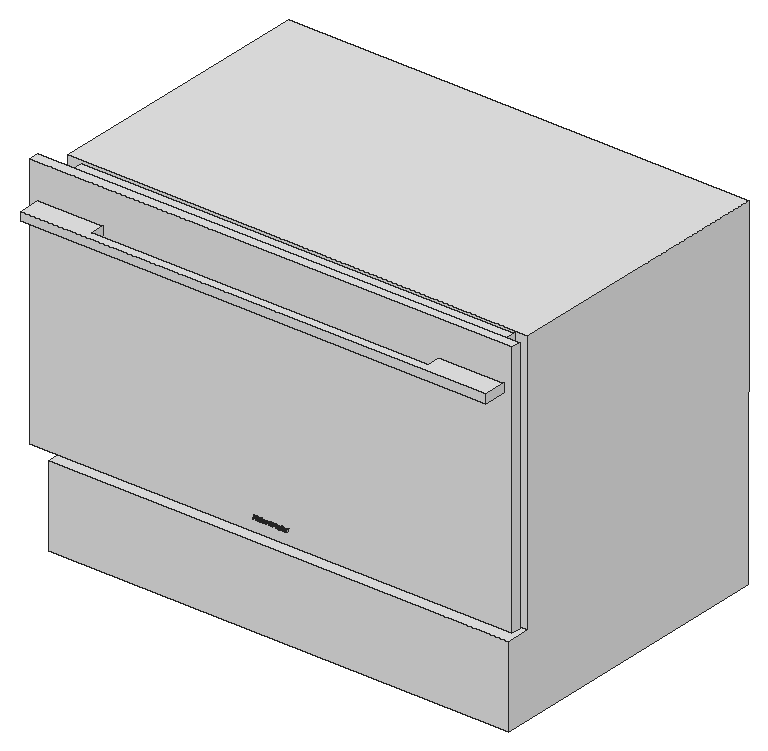
Revit family "Fisher & Paykel CoolDrawer RB90S64MKIW1 with door", category Generic Models, host Floor, Revit 2013
Parameters (values of type "Fisher & Paykel - Cool Drawer RB90S64MKIW1")
  URL = "www.fisherpaykel.com"
  Model = "RB90S64MKIW1"
  Manufacturer = "Fisher&Paykel"
  Description = "Fisher & Paykel - Cool Drawer RB90S64MKIW1"
  Cool Drawer = Cool Drawer
Reference planes (in)
  plane 1 "Center (Front/Back)": y = 0
  plane 2: z = 0
  plane 3 "Center (Left/Right)": x = 0
Dimensions and locks (in)
  equal spacing: host sketch curve, plane 1 "Center (Front/Back)", host sketch curve
  equal spacing: host sketch curve, plane 3 "Center (Left/Right)", host sketch curve
  host sketch curve to host sketch curve = 10' - 0"  (x2)
  aligned and locked: level to plane 2
Nested families (in)
  nested 1: "old_Fisher & Paykel CoolDrawer RB90S64MKIW1 with door" at (0, 0, 0), type "Fisher & Paykel - Cool Drawer RB90S64MKIW1"
Definition of nested family "old_Fisher & Paykel CoolDrawer RB90S64MKIW1 with door"
  Parameters (values of type "Fisher & Paykel - Cool Drawer RB90S64MKIW1")
    Width = 2' - 9.66142"
    URL = "www.fisherpaykel.com"
    Manufacturer = "Fisher&Paykel"
    Description = "Fisher & Paykel - Cool Drawer RB90S64MKIW1"
    Cool Drawer = Cool Drawer
    Model = "RB90S64MKIW1"
    Height = 2' - 1.19685"
    Depth = 1' - 9.92913"
  Reference planes (in)
    plane 1 "Center (Front/Back)": y = 0
    plane 2: z = 0
    plane 3 "Center (Left/Right)": x = 0
    plane 4: y = 10.96457
    plane 5: y = -10.96457
    plane 6: x = -16.83071
    plane 7: x = 16.83071
    plane 8: z = 25.19685
    plane 9: z = 5.90551
    plane 10: y = -9.19291
    plane 11: z = 7.3622
    plane 12: z = 25
    plane 13: z = 7.04724
    plane 14: z = 25.7874
    plane 15: y = -11.67323
    plane 16: x = -17.6378
    plane 17: x = 17.6378
    plane 18: x = -15.84646
    plane 19: x = 15.84646
    plane 20: x = -17.04724
    plane 21: y = -13.2874
    plane 22: x = -12.32283
    plane 23: x = 17.04724
    plane 24: x = 12.32283
    plane 25: z = 23.22835
    plane 26: z = 22.59843
    plane 27: z = 7.91339
  Forms (in)
    Extrusion 1, solid, material "Cool Drawer" <- "Cool Drawer"
      sketch origin (0, 0, 0) x (0, 1, 0) y (0, 0, 1)
        loop
          line (10.96457, 0) -> (10.96457, 25.19685) -> (-9.19291, 25.19685) -> (-9.19291, 5.90551) -> (-10.96457, 5.90551) -> (-10.96457, 0) -> (10.96457, 0)
      from -16.83071 to 16.83071
    Extrusion 2, solid, material "Cool Drawer" <- "Cool Drawer"
      sketch origin (0, 0, 0) x (0, 1, 0) y (0, 0, 1)
        loop
          line (-9.19291, 7.3622) -> (-9.19291, 25) -> (-10.96457, 25) -> (-10.96457, 7.3622) -> (-9.19291, 7.3622)
      from 15.84646 to -15.84646
    Extrusion 3, solid, material "Cool Drawer" <- "Cool Drawer"
      sketch origin (0, 0, 0) x (0, 1, 0) y (0, 0, 1)
        loop
          line (-10.96457, 25.7874) -> (-11.67323, 25.7874) -> (-11.67323, 7.04724) -> (-10.96457, 7.04724) -> (-10.96457, 25.7874)
      from -17.6378 to 17.6378
    Extrusion 4, solid, material "Cool Drawer" <- "Cool Drawer"
      sketch origin (0, 0, 0) x (1, 0, 0) y (0, 1, 0)
        loop
          line (17.04724, -11.67323) -> (12.32283, -11.67323) -> (12.32283, -12.65748) -> (-12.32283, -12.65748) -> (-12.32283, -11.67323) -> (-17.04724, -11.67323) -> (-17.04724, -13.2874) -> (17.04724, -13.2874) -> (17.04724, -11.67323)
      from 22.59843 to 23.22835
    Extrusion 5, solid, material "Cool Drawer" <- "Cool Drawer"
      sketch origin (-18.70376, 0, -5.83594) x (1, 0, 0) y (0, 0, 1)
        loop
          circle (11.32187, 8.98554) r 0.19685
      from -10.96457 to -11.75197
  Dimensions and locks (in)
    equal spacing: plane 4, plane 1 "Center (Front/Back)", plane 5
    equal spacing: plane 6, plane 3 "Center (Left/Right)", plane 7
    "Width": plane 6 to plane 7
    "Depth": plane 4 to plane 5
    "Height": plane 8 to level
    plane 11 to plane 9 to level = 0' - 1.45669", 0' - 5.90551"
    plane 10 to plane 5 = 0' - 1.77165"
    plane 13 to level = 0' - 7.04724"
    plane 5 to plane 15 = 0' - 0.70866"
    plane 16 to plane 6 to plane 18 = 0' - 0.80709", 0' - 0.98425"
    plane 17 to plane 7 to plane 19 = 0' - 0.80709", 0' - 0.98425"
    plane 16 to plane 20 to plane 22 = 0' - 0.59055", 0' - 4.72441"
    plane 24 to plane 23 to plane 17 = 0' - 4.72441", 0' - 0.59055"
    plane 14 to plane 25 to plane 26 = 0' - 2.55906", 0' - 0.62992"
    plane 27 to plane 2 = 0' - 7.91339"
    aligned and locked: plane 2 to level
    aligned and locked: level to Extrusion 1 sketch curve
    aligned and locked: plane 4 to Extrusion 1 sketch curve
    aligned and locked: plane 8 to Extrusion 1 sketch curve
    aligned and locked: plane 10 to Extrusion 1 sketch curve
    aligned and locked: plane 9 to Extrusion 1 sketch curve
    aligned and locked: plane 5 to Extrusion 1 sketch curve
    aligned and locked: Extrusion 1 to plane 7
    aligned and locked: plane 6 to Extrusion 1
    aligned and locked: plane 11 to Extrusion 2 sketch curve
    aligned and locked: plane 10 to Extrusion 2 sketch curve
    aligned and locked: Extrusion 2 sketch curve to plane 12
    aligned and locked: plane 5 to Extrusion 2 sketch curve
    aligned and locked: plane 14 to Extrusion 3 sketch curve
    aligned and locked: plane 5 to Extrusion 3 sketch curve
    aligned and locked: Extrusion 3 sketch curve to plane 13
    aligned and locked: plane 15 to Extrusion 3 sketch curve
    aligned and locked: Extrusion 3 to plane 16
    aligned and locked: Extrusion 3 to plane 17
    aligned and locked: Extrusion 2 to plane 18
    aligned and locked: plane 19 to Extrusion 2
    aligned and locked: Extrusion 4 sketch curve to plane 15
    aligned and locked: Extrusion 4 sketch curve to plane 20
    aligned and locked: Extrusion 4 sketch curve to plane 21
    aligned and locked: Extrusion 4 sketch curve to plane 22
    aligned and locked: plane 24 to Extrusion 4 sketch curve
    aligned and locked: plane 23 to Extrusion 4 sketch curve
    aligned and locked: plane 25 to Extrusion 4
    aligned and locked: Extrusion 4 to plane 26
    aligned and locked: Extrusion 5 to plane 4
  Automatic sketch dimensions
    plane 15 to Extrusion 4 sketch curve = 0' - 0"
    Extrusion 4 sketch curve to plane 21 = 0' - 0.62992"
    plane 24 to Extrusion 5 sketch curve = 1' - 7.70472"
    Extrusion 5 sketch curve to plane 11 = 0' - 4.2126"
    radius of Extrusion 5 sketch curve = 0' - 0.19685"
  Nested families (in)
    nested 1: "FP_logo" at (0, -11.67323, 7.91339) x (1, 0, 0) z (0, -1, 0), type "FP_logo"
  Definition of nested family "FP_logo"
    Parameters (values of type "FP_logo")
      thickness = 0' - 0.02044"
      length = 0' - 2.55906"
      LOGO = logo
      Default Elevation = 4' - 0"
    Reference planes (in)
      plane 1 "Center (Front/Back)": y = 0
      plane 2: z = 0
      plane 3 "Center (Left/Right)": x = 0
      plane 4: x = -1.27953
      plane 5: x = 1.27953
    Forms (in)
      Extrusion 1, solid
        sketch origin (0, 0, 0) x (1, 0, 0) y (0, 1, 0)
          loop
            line (-48, 48) -> (-48, -48) -> (48, -48) -> (48, 48) -> (-48, 48)
        from 0 to -12
      Extrusion 2, solid, material "logo" <- "LOGO"
        sketch origin (0, 0, 0) x (1, 0, 0) y (0, 1, 0)
          loop
            line (-1.28793, 0) -> (-1.22941, 0) -> (-1.20294, 0.10013) -> (-1.06722, 0.10013) -> (-1.05675, 0.13883) -> (-1.19244, 0.13883) -> (-1.17503, 0.20502) -> (-1.03204, 0.20502) -> (-1.02154, 0.24372) -> (-1.22301, 0.24372) -> (-1.28793, 0)
          loop
            line (-1.06975, 0) -> (-1.01812, 0) -> (-0.97286, 0.17064) -> (-1.02455, 0.17064) -> (-1.06975, 0)
          loop
            line (-1.00487, 0.24372) -> (-1.01447, 0.2087) -> (-0.96281, 0.2087) -> (-0.95323, 0.24372) -> (-1.00487, 0.24372)
          loop
            arc (-0.70659, 0.10944) -> (-0.66351, 0.13909) -> (-0.61518, 0.11909) r 0.05479
            line (-0.61518, 0.11909) -> (-0.64665, 0) -> (-0.59502, 0) -> (-0.56433, 0.11613)
            arc (-0.56433, 0.11613) -> (-0.56066, 0.13166) -> (-0.56433, 0.1472) r 0.03467
            arc (-0.56433, 0.1472) -> (-0.63207, 0.17359) -> (-0.6978, 0.14254) r 0.09195
            line (-0.6978, 0.14254) -> (-0.67088, 0.24372) -> (-0.72248, 0.24372) -> (-0.78736, 0) -> (-0.73573, 0) -> (-0.70659, 0.10944)
          loop
            arc (-0.78003, 0.12388) -> (-0.7802, 0.15435) -> (-0.80595, 0.17064) r 0.03175
            arc (-0.80595, 0.17064) -> (-0.86905, 0.17791) -> (-0.93104, 0.16409) r 0.19102
            arc (-0.93104, 0.16409) -> (-0.95215, 0.1497) -> (-0.96547, 0.12791) r 0.06073
            arc (-0.96547, 0.12791) -> (-0.96563, 0.09219) -> (-0.93526, 0.0734) r 0.03654
            line (-0.93526, 0.0734) -> (-0.86683, 0.07042)
            arc (-0.86683, 0.07042) -> (-0.84963, 0.04675) -> (-0.87138, 0.02716) r 0.02187
            line (-0.87138, 0.02716) -> (-0.91159, 0.02716)
            arc (-0.91159, 0.02716) -> (-0.92782, 0.03263) -> (-0.93496, 0.04821) r 0.02158
            line (-0.93496, 0.04821) -> (-0.98793, 0.04897)
            arc (-0.98793, 0.04897) -> (-0.98824, 0.0237) -> (-0.97175, 0.00453) r 0.03578
            arc (-0.97175, 0.00453) -> (-0.90562, -0.00279) -> (-0.83949, 0.00453) r 0.30257
            arc (-0.83949, 0.00453) -> (-0.80981, 0.02332) -> (-0.79102, 0.053) r 0.08011
            arc (-0.79102, 0.053) -> (-0.79169, 0.08409) -> (-0.81828, 0.10023) r 0.03232
            line (-0.81828, 0.10023) -> (-0.90164, 0.10385)
            arc (-0.90164, 0.10385) -> (-0.91478, 0.11094) -> (-0.91736, 0.12565) r 0.01712
            arc (-0.91736, 0.12565) -> (-0.87321, 0.14484) -> (-0.82987, 0.12388) r 0.05771
            line (-0.82987, 0.12388) -> (-0.78003, 0.12388)
          loop
            line (-0.35834, 0.07785) -> (-0.34936, 0.1281)
            arc (-0.34936, 0.1281) -> (-0.36182, 0.15818) -> (-0.3919, 0.17064) r 0.04254
            line (-0.3919, 0.17064) -> (-0.46649, 0.17064)
            arc (-0.46649, 0.17064) -> (-0.55144, 0.09952) -> (-0.50276, 0) r 0.08985
            arc (-0.50276, 0) -> (-0.42624, 0.00164) -> (-0.36657, 0.04957) r 0.1189
            line (-0.36657, 0.04957) -> (-0.41532, 0.05469)
            arc (-0.41532, 0.05469) -> (-0.47196, 0.02753) -> (-0.50958, 0.07785) r 0.04947
            line (-0.50958, 0.07785) -> (-0.35834, 0.07785)
          loop
            line (-0.49543, 0.10339) -> (-0.40222, 0.10339)
            arc (-0.40222, 0.10339) -> (-0.44883, 0.14122) -> (-0.49543, 0.10339) r 0.04763
          loop
            line (-0.35744, 0) -> (-0.30575, 0) -> (-0.27931, 0.10045)
            arc (-0.27931, 0.10045) -> (-0.24877, 0.13302) -> (-0.21439, 0.10454) r 0.03258
            line (-0.21439, 0.10454) -> (-0.16596, 0.10454)
            arc (-0.16596, 0.10454) -> (-0.16014, 0.13655) -> (-0.17275, 0.16653) r 0.05707
            arc (-0.17275, 0.16653) -> (-0.22695, 0.17196) -> (-0.27227, 0.14172) r 0.08074
            line (-0.27227, 0.14172) -> (-0.26058, 0.17064) -> (-0.31221, 0.17064) -> (-0.35744, 0)
          loop
            line (0.04293, 0.09792) -> (0.03493, 0.06801) -> (-0.03092, 0.12139)
            arc (-0.03092, 0.12139) -> (0.01102, 0.12595) -> (0.05079, 0.14002) r 0.18262
            arc (0.05079, 0.14002) -> (0.06551, 0.16161) -> (0.06992, 0.18735) r 0.06142
            arc (0.06992, 0.18735) -> (0.06308, 0.2049) -> (0.04699, 0.21468) r 0.02933
            arc (0.04699, 0.21468) -> (-0.00347, 0.22023) -> (-0.05393, 0.21468) r 0.23211
            arc (-0.05393, 0.21468) -> (-0.0772, 0.20319) -> (-0.09256, 0.18227) r 0.0547
            arc (-0.09256, 0.18227) -> (-0.09997, 0.15248) -> (-0.08317, 0.12679) r 0.03836
            arc (-0.08317, 0.12679) -> (-0.12079, 0.11552) -> (-0.14937, 0.08857) r 0.08523
            line (-0.14937, 0.08857) -> (-0.16132, 0.04948)
            arc (-0.16132, 0.04948) -> (-0.15152, 0.01457) -> (-0.1183, 0) r 0.0424
            arc (-0.1183, 0) -> (-0.0664, -0.00378) -> (-0.01449, 0) r 0.35823
            arc (-0.01449, 0) -> (0.01603, 0.00923) -> (0.04252, 0.02698) r 0.10788
            line (0.04252, 0.02698) -> (0.07664, 0) -> (0.10123, 0.0189) -> (0.05868, 0.0487)
            arc (0.05868, 0.0487) -> (0.06845, 0.07262) -> (0.07373, 0.09792) r 0.1419
            line (0.07373, 0.09792) -> (0.04293, 0.09792)
          loop
            line (0.02245, 0.04264) -> (-0.06702, 0.11392)
            arc (-0.06702, 0.11392) -> (-0.10449, 0.10434) -> (-0.12285, 0.0703) r 0.0482
            arc (-0.12285, 0.0703) -> (-0.12188, 0.03525) -> (-0.09139, 0.01794) r 0.0357
            arc (-0.09139, 0.01794) -> (-0.03193, 0.0186) -> (0.02245, 0.04264) r 0.14775
          loop
            arc (0.29295, 0.07855) -> (0.34351, 0.08976) -> (0.38459, 0.12128) r 0.11963
            arc (0.38459, 0.12128) -> (0.40024, 0.16194) -> (0.40678, 0.20502) r 0.20127
            arc (0.40678, 0.20502) -> (0.38041, 0.23617) -> (0.3403, 0.24372) r 0.061
            line (0.3403, 0.24372) -> (0.17853, 0.24372) -> (0.11368, 0) -> (0.17213, 0) -> (0.19316, 0.07855) -> (0.29295, 0.07855)
          loop
            line (0.22654, 0.20502) -> (0.20369, 0.11876) -> (0.28438, 0.11876)
            arc (0.28438, 0.11876) -> (0.30788, 0.12228) -> (0.32933, 0.13253) r 0.08023
            line (0.32933, 0.13253) -> (0.34318, 0.17058)
            arc (0.34318, 0.17058) -> (0.33309, 0.19493) -> (0.30873, 0.20502) r 0.03444
            line (0.30873, 0.20502) -> (0.22654, 0.20502)
          loop
            arc (0.44994, 0.12128) -> (0.45661, 0.1374) -> (0.47273, 0.14408) r 0.02279
            arc (0.47273, 0.14408) -> (0.49581, 0.14613) -> (0.5189, 0.14408) r 0.13096
            arc (0.5189, 0.14408) -> (0.53284, 0.13296) -> (0.53116, 0.1152) r 0.01873
            line (0.53116, 0.1152) -> (0.52298, 0.08453)
            arc (0.52298, 0.08453) -> (0.45237, 0.10647) -> (0.3839, 0.07855) r 0.10954
            arc (0.3839, 0.07855) -> (0.37005, 0.03338) -> (0.40349, 0) r 0.04581
            arc (0.40349, 0) -> (0.45959, -0.00093) -> (0.51047, 0.02274) r 0.12515
            line (0.51047, 0.02274) -> (0.49277, -0.00253) -> (0.55275, 0) -> (0.58246, 0.11146)
            arc (0.58246, 0.11146) -> (0.58562, 0.14392) -> (0.56221, 0.16663) r 0.03759
            arc (0.56221, 0.16663) -> (0.50502, 0.17693) -> (0.44725, 0.17064) r 0.20338
            arc (0.44725, 0.17064) -> (0.41783, 0.1507) -> (0.39789, 0.12128) r 0.09427
            line (0.39789, 0.12128) -> (0.44994, 0.12128)
          loop
            line (0.6208, 0) -> (0.6534, 0)
            arc (0.6534, 0) -> (0.62549, -0.03442) -> (0.58246, -0.04497) r 0.0695
            line (0.58246, -0.04497) -> (0.57423, -0.0749)
            arc (0.57423, -0.0749) -> (0.64659, -0.06536) -> (0.69487, -0.01063) r 0.10405
            line (0.69487, -0.01063) -> (0.79906, 0.17064) -> (0.74561, 0.17064) -> (0.66557, 0.02667) -> (0.65099, 0.17064) -> (0.59619, 0.17064) -> (0.6208, 0)
          loop
            line (0.84497, 0.10416) -> (0.8819, 0.24372) -> (0.83031, 0.24372) -> (0.76542, 0) -> (0.81709, 0) -> (0.83716, 0.07561) -> (0.89884, 0) -> (0.96234, 0) -> (0.89705, 0.09023) -> (0.99253, 0.17064) -> (0.93312, 0.17064) -> (0.84497, 0.10416)
          loop
            line (1.22786, 0.24372) -> (1.16298, 0) -> (1.21464, 0) -> (1.27953, 0.24372) -> (1.22786, 0.24372)
          loop
            line (1.16389, 0.07785) -> (1.17287, 0.1281)
            arc (1.17287, 0.1281) -> (1.16041, 0.15818) -> (1.13033, 0.17064) r 0.04254
            line (1.13033, 0.17064) -> (1.05574, 0.17064)
            arc (1.05574, 0.17064) -> (0.97079, 0.09952) -> (1.01947, 0) r 0.08985
            arc (1.01947, 0) -> (1.09599, 0.00164) -> (1.15566, 0.04957) r 0.1189
            line (1.15566, 0.04957) -> (1.10691, 0.05469)
            arc (1.10691, 0.05469) -> (1.05027, 0.02753) -> (1.01265, 0.07785) r 0.04947
            line (1.01265, 0.07785) -> (1.16389, 0.07785)
          loop
            line (1.0268, 0.10339) -> (1.12001, 0.10339)
            arc (1.12001, 0.10339) -> (1.0734, 0.14122) -> (1.0268, 0.10339) r 0.04763
          loop
            arc (-0.04605, 0.13365) -> (-0.0021, 0.14002) -> (0.03485, 0.16467) r 0.10075
            arc (0.03485, 0.16467) -> (0.03736, 0.18125) -> (0.02882, 0.19569) r 0.02499
            arc (0.02882, 0.19569) -> (-0.00536, 0.20013) -> (-0.03953, 0.19569) r 0.1339
            arc (-0.03953, 0.19569) -> (-0.0693, 0.16746) -> (-0.04605, 0.13365) r 0.03158
          loop
            spline (0.40845, 0.0445) -> (0.41077, 0.0382) -> (0.41646, 0.03264) -> (0.42511, 0.02819) -> (0.43615, 0.02517) -> (0.44882, 0.02376) -> (0.46226, 0.02408) -> (0.47555, 0.0261) -> (0.48778, 0.02968) -> (0.49813, 0.03458) -> (0.50588, 0.04046) -> (0.51051, 0.04692) -> (0.51171, 0.05353)
            spline (0.51171, 0.05353) -> (0.50939, 0.05983) -> (0.5037, 0.06539) -> (0.49504, 0.06984) -> (0.484, 0.07286) -> (0.47133, 0.07426) -> (0.4579, 0.07394) -> (0.44461, 0.07192) -> (0.43237, 0.06834) -> (0.42203, 0.06345) -> (0.41428, 0.05757) -> (0.40964, 0.0511) -> (0.40845, 0.0445)
        from 0 to 0.02044
    Dimensions and locks (in)
      "length": plane 4 to plane 5
      equal spacing: plane 4, plane 3 "Center (Left/Right)", plane 5
      "thickness": Extrusion 2 to plane 2
      aligned and locked: plane 2 to Extrusion 1
      aligned and locked: level to Extrusion 1
    Automatic sketch dimensions
      Extrusion 1 sketch curve to Extrusion 1 sketch curve = 8' - 0"  (x2)
      plane 1 "Center (Front/Back)" to Extrusion 2 sketch curve = 0' - 0"  (x19)
      Extrusion 2 sketch curve to plane 5 = 0' - 0"
      Extrusion 2 sketch curve to Extrusion 2 sketch curve = 0' - 0.05166"  (x3)
      Extrusion 2 sketch curve to plane 5 = 0' - 0.06488"
      Extrusion 2 sketch curve to plane 5 = 0' - 0.10666"
      Extrusion 2 sketch curve to Extrusion 2 sketch curve = 0' - 0.00898"  (x2)
      Extrusion 2 sketch curve to Extrusion 2 sketch curve = 0' - 0.00824"  (x2)
      Extrusion 2 sketch curve to Extrusion 2 sketch curve = 0' - 0.04254"  (x2)
      Extrusion 2 sketch curve to Extrusion 2 sketch curve = 0' - 0.01032"  (x2)
      Extrusion 2 sketch curve to Extrusion 2 sketch curve = 0' - 0.04874"  (x2)
      Extrusion 2 sketch curve to Extrusion 2 sketch curve = 0' - 0.04661"  (x2)
      Extrusion 2 sketch curve to Extrusion 2 sketch curve = 0' - 0.01133"  (x2)
      Extrusion 2 sketch curve to Extrusion 2 sketch curve = 0' - 0.0034"  (x2)
      Extrusion 2 sketch curve to Extrusion 2 sketch curve = 0' - 0.02894"  (x2)
      Extrusion 2 sketch curve to Extrusion 2 sketch curve = 0' - 0.01808"  (x2)
      Extrusion 2 sketch curve to Extrusion 2 sketch curve = 0' - 0.0426"  (x2)
      Extrusion 2 sketch curve to Extrusion 2 sketch curve = 0' - 0.01414"  (x2)
      Extrusion 2 sketch curve to Extrusion 2 sketch curve = 0' - 0.06321"
      Extrusion 2 sketch curve to Extrusion 2 sketch curve = 0' - 0.05712"
      Extrusion 2 sketch curve to plane 1 "Center (Front/Back)" = 0' - 0.17064"  (x2)
      Extrusion 2 sketch curve to Extrusion 2 sketch curve = 0' - 0.05941"
      Extrusion 2 sketch curve to Extrusion 2 sketch curve = 0' - 0.06351"
      Extrusion 2 sketch curve to plane 1 "Center (Front/Back)" = 0' - 0.09023"
      Extrusion 2 sketch curve to Extrusion 2 sketch curve = 0' - 0.03607"
      Extrusion 2 sketch curve to Extrusion 2 sketch curve = 0' - 0.05122"
      Extrusion 2 sketch curve to plane 1 "Center (Front/Back)" = 0' - 0.10416"
      Extrusion 2 sketch curve to Extrusion 2 sketch curve = 0' - 0.05208"
      Extrusion 2 sketch curve to plane 1 "Center (Front/Back)" = 0' - 0.07561"
      Extrusion 2 sketch curve to Extrusion 2 sketch curve = 0' - 0 1/128"  (x2)
      Extrusion 2 sketch curve to Extrusion 2 sketch curve = 0' - 0.0516"  (x2)
      Extrusion 2 sketch curve to Extrusion 2 sketch curve = 0' - 0.02007"
      Extrusion 2 sketch curve to Extrusion 2 sketch curve = 0' - 0 1/32"
      Extrusion 2 sketch curve to Extrusion 2 sketch curve = 0' - 0.05346"
      plane 1 "Center (Front/Back)" to Extrusion 2 sketch curve = 0' - 0.01063"
      Extrusion 2 sketch curve to Extrusion 2 sketch curve = 0' - 0.07055"
      Extrusion 2 sketch curve to plane 1 "Center (Front/Back)" = 0' - 0.02667"
      Extrusion 2 sketch curve to Extrusion 2 sketch curve = 0' - 0.0293"  (x2)
      Extrusion 2 sketch curve to Extrusion 2 sketch curve = 0' - 0.01217"
      Extrusion 2 sketch curve to Extrusion 2 sketch curve = 0' - 0.09462"
      Extrusion 2 sketch curve to Extrusion 2 sketch curve = 0' - 0.03259"
      Extrusion 2 sketch curve to Extrusion 2 sketch curve = 0' - 0.02314"
      Extrusion 2 sketch curve to Extrusion 2 sketch curve = 0' - 0.0548"
      Extrusion 2 sketch curve to Extrusion 2 sketch curve = 0' - 0.00938"
      Extrusion 2 sketch curve to Extrusion 2 sketch curve = 0' - 0.03835"
      Extrusion 2 sketch curve to Extrusion 2 sketch curve = 0' - 0.01373"
      plane 1 "Center (Front/Back)" to Extrusion 2 sketch curve = 0' - 0.0749"
      Extrusion 2 sketch curve to Extrusion 2 sketch curve = 0' - 0.00823"
      Extrusion 2 sketch curve to Extrusion 2 sketch curve = 0' - 0.03398"
      Extrusion 2 sketch curve to Extrusion 2 sketch curve = 0' - 0"  (x9)
      Extrusion 2 sketch curve to Extrusion 2 sketch curve = 0' - 0.03553"
      Extrusion 2 sketch curve to Extrusion 2 sketch curve = 0' - 0.01188"
      Extrusion 2 sketch curve to plane 1 "Center (Front/Back)" = 0' - 0.1152"
      Extrusion 2 sketch curve to Extrusion 2 sketch curve = 0' - 0.01918"
      Extrusion 2 sketch curve to plane 1 "Center (Front/Back)" = 0' - 0.08453"
      Extrusion 2 sketch curve to Extrusion 2 sketch curve = 0' - 0.00818"
      Extrusion 2 sketch curve to Extrusion 2 sketch curve = 0' - 0.01226"  (x2)
      Extrusion 2 sketch curve to Extrusion 2 sketch curve = 0' - 0.01556"
      Extrusion 2 sketch curve to plane 1 "Center (Front/Back)" = 0' - 0.02274"
      Extrusion 2 sketch curve to Extrusion 2 sketch curve = 0' - 0.04228"
      plane 1 "Center (Front/Back)" to Extrusion 2 sketch curve = 0' - 0.02633"
      Extrusion 2 sketch curve to Extrusion 2 sketch curve = 0' - 0.01254"
      Extrusion 2 sketch curve to plane 1 "Center (Front/Back)" = 0' - 0.01517"
      Extrusion 2 sketch curve to Extrusion 2 sketch curve = 0' - 0.01465"
      plane 1 "Center (Front/Back)" to Extrusion 2 sketch curve = 0' - 0.00253"
      Extrusion 2 sketch curve to Extrusion 2 sketch curve = 0' - 0.00304"
      Extrusion 2 sketch curve to Extrusion 2 sketch curve = 0' - 0.03849"
      Extrusion 2 sketch curve to Extrusion 2 sketch curve = 0' - 0.01176"
      Extrusion 2 sketch curve to Extrusion 2 sketch curve = 0' - 0.02441"
      plane 1 "Center (Front/Back)" to Extrusion 2 sketch curve = 0' - 0.00297"
      Extrusion 2 sketch curve to Extrusion 2 sketch curve = 0' - 0.0357"
      Extrusion 2 sketch curve to Extrusion 2 sketch curve = 0' - 0.02279"
      Extrusion 2 sketch curve to Extrusion 2 sketch curve = 0' - 0.02548"
      Extrusion 2 sketch curve to Extrusion 2 sketch curve = 0' - 0.01636"
      Extrusion 2 sketch curve to Extrusion 2 sketch curve = 0' - 0.04558"
      Extrusion 2 sketch curve to Extrusion 2 sketch curve = 0' - 0.00605"
      Extrusion 2 sketch curve to Extrusion 2 sketch curve = 0' - 0.04047"
      Extrusion 2 sketch curve to Extrusion 2 sketch curve = 0' - 0.00496"
      Extrusion 2 sketch curve to Extrusion 2 sketch curve = 0' - 0.03568"
      Extrusion 2 sketch curve to Extrusion 2 sketch curve = 0' - 0.01329"
      Extrusion 2 sketch curve to Extrusion 2 sketch curve = 0' - 0.05706"
      Extrusion 2 sketch curve to plane 1 "Center (Front/Back)" = 0' - 0.17058"
      Extrusion 2 sketch curve to Extrusion 2 sketch curve = 0' - 0.00654"
      Extrusion 2 sketch curve to Extrusion 2 sketch curve = 0' - 0.00942"
      Extrusion 2 sketch curve to plane 1 "Center (Front/Back)" = 0' - 0.13253"
      Extrusion 2 sketch curve to Extrusion 2 sketch curve = 0' - 0.01385"
      Extrusion 2 sketch curve to Extrusion 2 sketch curve = 0' - 0.03444"  (x2)
      Extrusion 2 sketch curve to Extrusion 2 sketch curve = 0' - 0.03638"
      Extrusion 2 sketch curve to Extrusion 2 sketch curve = 0' - 0.00858"
      Extrusion 2 sketch curve to Extrusion 2 sketch curve = 0' - 0.05783"
      Extrusion 2 sketch curve to Extrusion 2 sketch curve = 0' - 0.02085"
      Extrusion 2 sketch curve to Extrusion 2 sketch curve = 0' - 0.08069"
      Extrusion 2 sketch curve to plane 1 "Center (Front/Back)" = 0' - 0.07855"
      Extrusion 2 sketch curve to Extrusion 2 sketch curve = 0' - 0.01053"
      Extrusion 2 sketch curve to Extrusion 2 sketch curve = 0' - 0.02716"
      Extrusion 2 sketch curve to Extrusion 2 sketch curve = 0' - 0.02103"
      Extrusion 2 sketch curve to Extrusion 2 sketch curve = 0' - 0.05845"
      Extrusion 2 sketch curve to plane 1 "Center (Front/Back)" = 0' - 0.0189"
      Extrusion 2 sketch curve to Extrusion 2 sketch curve = 0' - 0.01245"
      Extrusion 2 sketch curve to Extrusion 2 sketch curve = 0' - 0.02459"
      plane 3 "Center (Left/Right)" to Extrusion 2 sketch curve = 0' - 0.07373"
      plane 3 "Center (Left/Right)" to Extrusion 2 sketch curve = 0' - 0.06992"
      Extrusion 2 sketch curve to plane 1 "Center (Front/Back)" = 0' - 0.0487"
      Extrusion 2 sketch curve to Extrusion 2 sketch curve = 0' - 0.01505"
      Extrusion 2 sketch curve to Extrusion 2 sketch curve = 0' - 0.02293"  (x2)
      Extrusion 2 sketch curve to Extrusion 2 sketch curve = 0' - 0.03079"
      Extrusion 2 sketch curve to Extrusion 2 sketch curve = 0' - 0.01616"
      Extrusion 2 sketch curve to Extrusion 2 sketch curve = 0' - 0.00638"
      Extrusion 2 sketch curve to Extrusion 2 sketch curve = 0' - 0.02375"
      Extrusion 2 sketch curve to Extrusion 2 sketch curve = 0' - 0.00577"
      Extrusion 2 sketch curve to Extrusion 2 sketch curve = 0' - 0.0118"
      plane 3 "Center (Left/Right)" to Extrusion 2 sketch curve = 0' - 0.02245"
      plane 3 "Center (Left/Right)" to Extrusion 2 sketch curve = 0' - 0.01283"
      plane 3 "Center (Left/Right)" to Extrusion 2 sketch curve = 0' - 0.00856"
      Extrusion 2 sketch curve to plane 3 "Center (Left/Right)" = 0' - 0.00347"
      Extrusion 2 sketch curve to plane 3 "Center (Left/Right)" = 0' - 0.00536"
      Extrusion 2 sketch curve to plane 3 "Center (Left/Right)" = 0' - 0.01449"
      Extrusion 2 sketch curve to plane 3 "Center (Left/Right)" = 0' - 0.02958"
      Extrusion 2 sketch curve to plane 3 "Center (Left/Right)" = 0' - 0.03013"
      Extrusion 2 sketch curve to Extrusion 2 sketch curve = 0' - 0.0008"
      Extrusion 2 sketch curve to plane 3 "Center (Left/Right)" = 0' - 0.0379"
      Extrusion 2 sketch curve to plane 3 "Center (Left/Right)" = 0' - 0.03816"
      Extrusion 2 sketch curve to Extrusion 2 sketch curve = 0' - 0.00164"
      Extrusion 2 sketch curve to Extrusion 2 sketch curve = 0' - 0.00414"
      Extrusion 2 sketch curve to Extrusion 2 sketch curve = 0' - 0.01513"
      Extrusion 2 sketch curve to Extrusion 2 sketch curve = 0' - 0.0144"
      Extrusion 2 sketch curve to Extrusion 2 sketch curve = 0' - 0.02011"
      Extrusion 2 sketch curve to Extrusion 2 sketch curve = 0' - 0.0011"
      Extrusion 2 sketch curve to Extrusion 2 sketch curve = 0' - 0.03682"
      Extrusion 2 sketch curve to Extrusion 2 sketch curve = 0' - 0.02096"
      Extrusion 2 sketch curve to Extrusion 2 sketch curve = 0' - 0.00022"
      Extrusion 2 sketch curve to Extrusion 2 sketch curve = 0' - 0.00336"
      Extrusion 2 sketch curve to Extrusion 2 sketch curve = 0' - 0.01593"
      Extrusion 2 sketch curve to Extrusion 2 sketch curve = 0' - 0.0131"
      Extrusion 2 sketch curve to plane 1 "Center (Front/Back)" = 0' - 0.01794"
      Extrusion 2 sketch curve to Extrusion 2 sketch curve = 0' - 0.01321"
      Extrusion 2 sketch curve to Extrusion 2 sketch curve = 0' - 0.02824"
      Extrusion 2 sketch curve to Extrusion 2 sketch curve = 0' - 0.00333"
      Extrusion 2 sketch curve to Extrusion 2 sketch curve = 0' - 0.02652"
      Extrusion 2 sketch curve to Extrusion 2 sketch curve = 0' - 0.01195"
      Extrusion 2 sketch curve to Extrusion 2 sketch curve = 0' - 0.01659"
      Extrusion 2 sketch curve to Extrusion 2 sketch curve = 0' - 0.00679"
      Extrusion 2 sketch curve to Extrusion 2 sketch curve = 0' - 0.04146"
      Extrusion 2 sketch curve to Extrusion 2 sketch curve = 0' - 0.00697"
      Extrusion 2 sketch curve to Extrusion 2 sketch curve = 0' - 0.00248"
      Extrusion 2 sketch curve to Extrusion 2 sketch curve = 0' - 0.03233"
      Extrusion 2 sketch curve to Extrusion 2 sketch curve = 0' - 0.04371"
      Extrusion 2 sketch curve to plane 1 "Center (Front/Back)" = 0' - 0.14172"
      Extrusion 2 sketch curve to Extrusion 2 sketch curve = 0' - 0.01169"
      Extrusion 2 sketch curve to Extrusion 2 sketch curve = 0' - 0.03258"
      Extrusion 2 sketch curve to Extrusion 2 sketch curve = 0' - 0.02644"
      Extrusion 2 sketch curve to Extrusion 2 sketch curve = 0' - 0.03995"
      Extrusion 2 sketch curve to Extrusion 2 sketch curve = 0' - 0.03715"
      Extrusion 2 sketch curve to Extrusion 2 sketch curve = 0' - 0.0517"
      Extrusion 2 sketch curve to plane 1 "Center (Front/Back)" = 0' - 0 7/128"
      Extrusion 2 sketch curve to plane 1 "Center (Front/Back)" = 0' - 0.11613"
      Extrusion 2 sketch curve to Extrusion 2 sketch curve = 0' - 0.05475"
      Extrusion 2 sketch curve to Extrusion 2 sketch curve = 0' - 0.09225"
      Extrusion 2 sketch curve to Extrusion 2 sketch curve = 0' - 0.031"
      Extrusion 2 sketch curve to Extrusion 2 sketch curve = 0' - 0.01985"
      Extrusion 2 sketch curve to Extrusion 2 sketch curve = 0' - 0.01368"  (x2)
      Extrusion 2 sketch curve to Extrusion 2 sketch curve = 0' - 0.05163"  (x4)
      Extrusion 2 sketch curve to Extrusion 2 sketch curve = 0' - 0.0289"
      Extrusion 2 sketch curve to Extrusion 2 sketch curve = 0' - 0.07555"
      Extrusion 2 sketch curve to Extrusion 2 sketch curve = 0' - 0.04004"
      Extrusion 2 sketch curve to plane 1 "Center (Front/Back)" = 0' - 0.10944"
      Extrusion 2 sketch curve to Extrusion 2 sketch curve = 0' - 0.0088"
      Extrusion 2 sketch curve to Extrusion 2 sketch curve = 0' - 0.08908"
      Extrusion 2 sketch curve to Extrusion 2 sketch curve = 0' - 0.07344"
      Extrusion 2 sketch curve to Extrusion 2 sketch curve = 0' - 0.00366"
      Extrusion 2 sketch curve to Extrusion 2 sketch curve = 0' - 0.02592"
      Extrusion 2 sketch curve to Extrusion 2 sketch curve = 0' - 0.02794"
      Extrusion 2 sketch curve to Extrusion 2 sketch curve = 0' - 0.01031"
      Extrusion 2 sketch curve to Extrusion 2 sketch curve = 0' - 0.0014"
      Extrusion 2 sketch curve to Extrusion 2 sketch curve = 0' - 0.01159"
      Extrusion 2 sketch curve to plane 1 "Center (Front/Back)" = 0' - 0.00453"  (x2)
      Extrusion 2 sketch curve to Extrusion 2 sketch curve = 0' - 0.05213"
      plane 1 "Center (Front/Back)" to Extrusion 2 sketch curve = 0' - 0.01285"
      Extrusion 2 sketch curve to Extrusion 2 sketch curve = 0' - 0.01956"
      Extrusion 2 sketch curve to Extrusion 2 sketch curve = 0' - 0.04677"
      Extrusion 2 sketch curve to Extrusion 2 sketch curve = 0' - 0.00037"
      Extrusion 2 sketch curve to Extrusion 2 sketch curve = 0' - 0.00455"
      Extrusion 2 sketch curve to Extrusion 2 sketch curve = 0' - 0.00792"
      Extrusion 2 sketch curve to Extrusion 2 sketch curve = 0' - 0.02651"
      Extrusion 2 sketch curve to Extrusion 2 sketch curve = 0' - 0.00074"
      Extrusion 2 sketch curve to Extrusion 2 sketch curve = 0' - 0.09967"
      Extrusion 2 sketch curve to Extrusion 2 sketch curve = 0' - 0.00652"
      Extrusion 2 sketch curve to Extrusion 2 sketch curve = 0' - 0.04021"
      Extrusion 2 sketch curve to Extrusion 2 sketch curve = 0' - 0.0018"
      Extrusion 2 sketch curve to Extrusion 2 sketch curve = 0' - 0.01647"
      Extrusion 2 sketch curve to Extrusion 2 sketch curve = 0' - 0.01631"
      Extrusion 2 sketch curve to plane 1 "Center (Front/Back)" = 0' - 0.04821"
      Extrusion 2 sketch curve to Extrusion 2 sketch curve = 0' - 0.02157"
      Extrusion 2 sketch curve to plane 1 "Center (Front/Back)" = 0' - 0.0734"
      Extrusion 2 sketch curve to Extrusion 2 sketch curve = 0' - 0.0003"
      Extrusion 2 sketch curve to Extrusion 2 sketch curve = 0' - 0.04761"
      Extrusion 2 sketch curve to Extrusion 2 sketch curve = 0' - 0.01966"
      Extrusion 2 sketch curve to Extrusion 2 sketch curve = 0' - 0.00957"
      Extrusion 2 sketch curve to Extrusion 2 sketch curve = 0' - 0.0318"
      Extrusion 2 sketch curve to Extrusion 2 sketch curve = 0' - 0.01005"
      Extrusion 2 sketch curve to plane 1 "Center (Front/Back)" = 0' - 0.04897"
      Extrusion 2 sketch curve to Extrusion 2 sketch curve = 0' - 0.03332"
      Extrusion 2 sketch curve to Extrusion 2 sketch curve = 0' - 0.0096"
      Extrusion 2 sketch curve to Extrusion 2 sketch curve = 0' - 0.04636"
      Extrusion 2 sketch curve to Extrusion 2 sketch curve = 0' - 0.01668"
      Extrusion 2 sketch curve to Extrusion 2 sketch curve = 0' - 0.01008"
      Extrusion 2 sketch curve to Extrusion 2 sketch curve = 0' - 0.01757"
      Extrusion 2 sketch curve to Extrusion 2 sketch curve = 0' - 0.0322"
      Extrusion 2 sketch curve to Extrusion 2 sketch curve = 0' - 0.01047"
      Extrusion 2 sketch curve to plane 4 = 0' - 0.1045"
      Extrusion 2 sketch curve to Extrusion 2 sketch curve = 0' - 0.01741"
      Extrusion 2 sketch curve to Extrusion 2 sketch curve = 0' - 0.0105"
      Extrusion 2 sketch curve to plane 4 = 0' - 0.05652"
      Extrusion 2 sketch curve to plane 4 = 0' - 0.05011"
      plane 4 to Extrusion 2 sketch curve = 0' - 0.0084"
      Extrusion 2 sketch curve to Extrusion 2 sketch curve = 0' - 0.02993"
      plane 1 "Center (Front/Back)" to Extrusion 2 sketch curve = 0' - 0.01188"
      Extrusion 2 sketch curve to plane 1 "Center (Front/Back)" = 0' - 0.02698"
      Extrusion 2 sketch curve to plane 1 "Center (Front/Back)" = 0' - 0.02716"
      Extrusion 2 sketch curve to Extrusion 2 sketch curve = 0' - 0.02376"
      Extrusion 2 sketch curve to Extrusion 2 sketch curve = 0' - 0.02444"
      Extrusion 2 sketch curve to Extrusion 2 sketch curve = 0' - 0.01565"
      Extrusion 2 sketch curve to Extrusion 2 sketch curve = 0' - 0.00003"
      Extrusion 2 sketch curve to Extrusion 2 sketch curve = 0' - 0.02187"
      Extrusion 2 sketch curve to Extrusion 2 sketch curve = 0' - 0.00512"  (x2)
      Extrusion 2 sketch curve to plane 1 "Center (Front/Back)" = 0' - 0.04957"
      Extrusion 2 sketch curve to plane 1 "Center (Front/Back)" = 0' - 0.053"
      Extrusion 2 sketch curve to Extrusion 2 sketch curve = 0' - 0.01194"
      Extrusion 2 sketch curve to Extrusion 2 sketch curve = 0' - 0.02359"
      Extrusion 2 sketch curve to Extrusion 2 sketch curve = 0' - 0.01272"
      Extrusion 2 sketch curve to Extrusion 2 sketch curve = 0' - 0.01493"
      Extrusion 2 sketch curve to Extrusion 2 sketch curve = 0' - 0.02537"
      Extrusion 2 sketch curve to Extrusion 2 sketch curve = 0' - 0.03779"  (x2)
      Extrusion 2 sketch curve to Extrusion 2 sketch curve = 0' - 0.00527"  (x2)
      Extrusion 2 sketch curve to Extrusion 2 sketch curve = 0' - 0.00049"
      Extrusion 2 sketch curve to Extrusion 2 sketch curve = 0' - 0.00291"
      Extrusion 2 sketch curve to Extrusion 2 sketch curve = 0' - 0.00717"
      Extrusion 2 sketch curve to Extrusion 2 sketch curve = 0' - 0.01827"
      Extrusion 2 sketch curve to Extrusion 2 sketch curve = 0' - 0.01275"  (x2)
      Extrusion 2 sketch curve to Extrusion 2 sketch curve = 0' - 0.00505"
      Extrusion 2 sketch curve to Extrusion 2 sketch curve = 0' - 0.02991"
      Extrusion 2 sketch curve to Extrusion 2 sketch curve = 0' - 0.05115"
      Extrusion 2 sketch curve to Extrusion 2 sketch curve = 0' - 0.04127"
      Extrusion 2 sketch curve to Extrusion 2 sketch curve = 0' - 0.00006"
      Extrusion 2 sketch curve to Extrusion 2 sketch curve = 0' - 0.02471"
      Extrusion 2 sketch curve to Extrusion 2 sketch curve = 0' - 0.02554"
      Extrusion 2 sketch curve to Extrusion 2 sketch curve = 0' - 0.01671"
      Extrusion 2 sketch curve to Extrusion 2 sketch curve = 0' - 0.00399"
      Extrusion 2 sketch curve to Extrusion 2 sketch curve = 0' - 0.0402"
      Extrusion 2 sketch curve to Extrusion 2 sketch curve = 0' - 0.01312"
      Extrusion 2 sketch curve to Extrusion 2 sketch curve = 0' - 0.01464"
      Extrusion 2 sketch curve to Extrusion 2 sketch curve = 0' - 0.01257"
      Extrusion 2 sketch curve to Extrusion 2 sketch curve = 0' - 0.0387"
      Extrusion 2 sketch curve to Extrusion 2 sketch curve = 0' - 0.0421"
      Extrusion 2 sketch curve to Extrusion 2 sketch curve = 0' - 0.00287"
      Extrusion 2 sketch curve to Extrusion 2 sketch curve = 0' - 0.02138"
      Extrusion 2 sketch curve to Extrusion 2 sketch curve = 0' - 0.06648"
      Extrusion 2 sketch curve to Extrusion 2 sketch curve = 0' - 0.03182"
      Extrusion 2 sketch curve to Extrusion 2 sketch curve = 0' - 0.02892"
      Extrusion 2 sketch curve to Extrusion 2 sketch curve = 0' - 0.01287"
      Extrusion 2 sketch curve to Extrusion 2 sketch curve = 0' - 0.0662"
      Extrusion 2 sketch curve to Extrusion 2 sketch curve = 0' - 0.03438"
      Extrusion 2 sketch curve to Extrusion 2 sketch curve = 0' - 0.00368"
      Extrusion 2 sketch curve to Extrusion 2 sketch curve = 0' - 0.03502"
      Extrusion 2 sketch curve to Extrusion 2 sketch curve = 0' - 0.11562"
      Extrusion 2 sketch curve to Extrusion 2 sketch curve = 0' - 0.07308"
      Extrusion 2 sketch curve to Extrusion 2 sketch curve = 0' - 0.10118"
      Extrusion 2 sketch curve to Extrusion 2 sketch curve = 0' - 0.05606"
